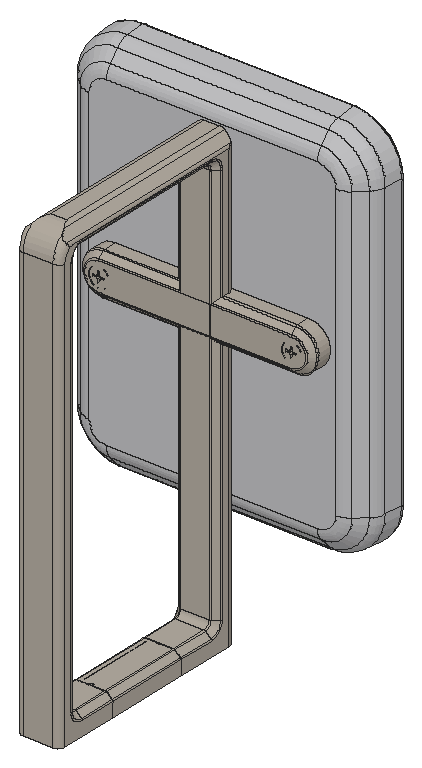
Revit family "Accessory-Tray-KALLISTA-Vice-P34211_1", category Specialty Equipment, host Face, Revit 2021
Family settings
  Host = Face
  Round Connector Dimension = Use Diameter
  Part Type = Normal
  OmniClass Number = 23.31.25.00
  OmniClass Title = Toilet and Bath Specialties
  Cut with Voids When Loaded = No
  Shared = No
  Room Calculation Point = No
Parameters (values of type "Brushed Bronze, CP-Chrome")
  Width = 9.01575"  # constant formula
  WaterSense Certified = 1 = 0  # no
  URL = "https://www.kallista.com/"
  Type = 4
  Secondary Finish = Kallista-Metal-BV-Brushed_Bronze
  Product Page URL = ""
  Product Name = "Vice"  # constant formula
  Product Documentation Link = ""
  Model = if(Type = 1, "P34211-BAF-AF", if(Type = 2, "P34211-BN-BGP", if(Type = 3, "P34211-BN-SN", if(Type = 4, "P34211-BV-CP", if(Type = 5, "P34211-CP-CP", "NA")))))  # "P34211-BV-CP"
  Material = "Premium Metal Construction"  # constant formula
  Master Format 2014 Name = "Toilet, Bath, and Laundry Accessories"  # constant formula
  Master Format 2014 = "10 28 00"  # constant formula
  Manufacturer Address = "444 Highland Dr, Kohler, WI 53044"  # constant formula
  Manufacturer = "Kallista Co."  # constant formula
  Length = 5.64567"  # constant formula
  Height = 4.85039"  # constant formula
  Finish = Kallista-Metal-CP-Chrome
  Environmental Product Declaration = ""
  Description = "Tray With Arm"  # constant formula
  Default Elevation = 42"
  Declare Label = ""
  Date Modified = "4/30/2024"  # constant formula
  Date Created = "4/30/2024"  # constant formula
  Copyright = "Copyright Kallista Co."  # constant formula
  Contact Us = "https://www.kallista.com/corporate/contact-us/"
  Assembly Code = "C1030200"
  ADA Compliant = 1 = 0  # no
Types (6): name | Type | Secondary Finish | Model | Finish
  (no name) | 4 | Kallista-Metal-BV-Brushed_Bronze | "P34211-BV-CP" | Kallista-Metal-CP-Chrome
  Brushed French Gold, AF-French Gold | 1 | Kallista-Metal-BAF-Brushed_French_Gold | "P34211-BAF-AF" | Kallista-Metal-AF-French_Gold
  Brushed Nickel, BGP | 2 | Kallista-Metal-BN-Brushed_Nickel | "P34211-BN-BGP" | Kallista-Metal-BGP
  Brushed Nickel, SN-Polished Nickel | 3 | Kallista-Metal-BN-Brushed_Nickel | "P34211-BN-SN" | Kallista-Metal-SN-Polished_Nickel
  Brushed Bronze, CP-Chrome | 4 | Kallista-Metal-BV-Brushed_Bronze | "P34211-BV-CP" | Kallista-Metal-CP-Chrome
  Chrome, CP-Chrome | 5 | Kallista-Metal-CP-Chrome | "P34211-CP-CP" | Kallista-Metal-CP-Chrome
Reference planes (in)
  plane 1 "Center (Front/Back)": y = 0
  plane 2: z = 0
  plane 3 "Center (Left/Right)": x = 0
  plane 4: y = -3.99999
  plane 5: x = -2.82283
  plane 6: x = -2.16535
  plane 7: x = -0.39764
  plane 8: y = -3.60629
  plane 9: x = 0.39764
  plane 10: x = 2.82283
  plane 11: y = -0.3937
  plane 12: x = 2.16535
  plane 13: y = 0.8504
  plane 14: z = 9.01575
  plane 15: z = 1.87008
  plane 16: z = 2.45669
  plane 17: z = 8.4252
  plane 18: z = 0.3937
  plane 19: z = 5.44094
Dimensions and locks (in)
  "Length": plane 5 to plane 10
  "Height": plane 4 to plane 13
  plane 6 to plane 12 = 4.33071"
  plane 7 to plane 9 = 0.79528"
  plane 1 "Center (Front/Back)" to plane 4 = 4"  (x2)
  "Width": level to plane 14
  plane 13 to plane 1 "Center (Front/Back)" = 0.8504"
  plane 15 to plane 14 = 7.14567"
  level to plane 17 = 8.4252"
  plane 1 "Center (Front/Back)" to plane 11 = 0.3937"
  aligned and locked: plane 2 to host face
  aligned and locked: level to host face
  aligned and locked: plane 3 "Center (Left/Right)" to nested 1
  aligned and locked: plane 1 "Center (Front/Back)" to nested 1
Automatic sketch dimensions
  host sketch curve to host sketch curve = 96"  (x2)
Nested families (in)
  nested 1: "P34211" at (0, 0, 0), type "P34211"
Definition of nested family "P34211"
  Parameters
    Secondary Material = none
    Material = none
    Default Elevation = 0"
  Reference planes (in)
    plane 1 "Center (Front/Back)": y = 0
    plane 2: z = 0
    plane 3 "Center (Left/Right)": x = 0
    plane 4: y = 0.85039
    plane 5: y = -3.99999
    plane 6: y = -0.3937
    plane 7: z = 9.01575
    plane 8: z = 1.87008
    plane 9: z = 8.4252
    plane 10: x = -2.82283
    plane 11: x = -2.16535
    plane 12: x = -0.39764
    plane 13: x = 2.82283
    plane 14: x = 2.16535
    plane 15: x = 0.39764
    plane 16: y = -3.60629
    plane 17: z = 0.3937
    plane 18 "A": z = 5.44094
    plane 19: z = 2.45669
  Forms (in)
    Sweep 1, solid, material <- "Material", detail levels medium+fine
      path origin (0, 0, 0) x (1, 0, 0) y (0, 0, 1)
        loop
          line (1.93705, 9.01575) -> (-1.93701, 9.01575)
          arc (-1.93701, 9.01575) -> (-2.56338, 8.7563) -> (-2.82283, 8.12992) r 0.88583
          line (-2.82283, 8.12992) -> (-2.82283, 2.75591)
          arc (-2.82283, 2.75591) -> (-2.56338, 2.12953) -> (-1.93701, 1.87008) r 0.88583
          line (-1.93701, 1.87008) -> (1.93701, 1.87008)
          arc (1.93701, 1.87008) -> (2.56338, 2.12953) -> (2.82283, 2.75591) r 0.88583
          line (2.82283, 2.75591) -> (2.82283, 8.12996)
          arc (2.82283, 8.12996) -> (2.56339, 8.75631) -> (1.93705, 9.01575) r 0.88579
      profile origin (0.00002, 0, 9.01575) x (0, 0, -1) y (0, -1, 0)
        loop
          arc (0.09801, -0.85039) -> (0.11231, -0.84483) -> (0.11909, -0.83108) r 0.02116
          line (0.11909, -0.83108) -> (0.14886, -0.49083)
          arc (0.14886, -0.49083) -> (0.17101, -0.41197) -> (0.22037, -0.34661) r 0.22086
          line (0.22037, -0.34661) -> (0.40872, -0.1755)
          arc (0.40872, -0.1755) -> (0.47762, -0.13296) -> (0.55723, -0.11811) r 0.22087
          line (0.55723, -0.11811) -> (0.65813, -0.11811) -> (0.65813, 0) -> (0.55723, 0)
          arc (0.55723, 0) -> (0.43505, -0.02279) -> (0.32929, -0.08808) r 0.33898
          line (0.32929, -0.08808) -> (0.14095, -0.25919)
          arc (0.14095, -0.25919) -> (0.06519, -0.35951) -> (0.0312, -0.48054) r 0.33897
          line (0.0312, -0.48054) -> (0.00062, -0.83014)
          arc (0.00062, -0.83014) -> (0.00544, -0.84435) -> (0.01918, -0.85039) r 0.01863
          line (0.01918, -0.85039) -> (0.09801, -0.85039)
    Extrusion 2, solid, material <- "Material", detail levels medium+fine
      sketch origin (0, 0, 0) x (1, 0, 0) y (0, 0, 1)
        loop
          line (1.93705, 8.35762) -> (-1.93701, 8.35762)
          arc (-1.93701, 8.35762) -> (-2.09801, 8.29093) -> (-2.1647, 8.12992) r 0.2277
          line (-2.1647, 8.12992) -> (-2.1647, 2.75591)
          arc (-2.1647, 2.75591) -> (-2.09801, 2.5949) -> (-1.93701, 2.52821) r 0.2277
          line (-1.93701, 2.52821) -> (1.93701, 2.52821)
          arc (1.93701, 2.52821) -> (2.09801, 2.5949) -> (2.1647, 2.75591) r 0.2277
          line (2.1647, 2.75591) -> (2.1647, 8.12996)
          arc (2.1647, 8.12996) -> (2.09802, 8.29094) -> (1.93705, 8.35762) r 0.22766
      from -0.11811 to 0
    Sweep 3, solid, material <- "Secondary Material", detail levels medium+fine
      path origin (0, 0, 0) x (0, 1, 0) y (0, 0, 1)
        loop
          line (-1.21259, 0.3937) -> (-0.51181, 0.3937)
          arc (-0.51181, 0.3937) -> (-0.42829, 0.42829) -> (-0.3937, 0.51181) r 0.11811
          line (-0.3937, 0.51181) -> (-0.3937, 7.91339)
          arc (-0.3937, 7.91339) -> (-0.42829, 7.9969) -> (-0.51181, 8.0315) r 0.11811
          line (-0.51181, 8.0315) -> (-3.48818, 8.0315)
          arc (-3.48818, 8.0315) -> (-3.5717, 7.9969) -> (-3.60629, 7.91339) r 0.11811
          line (-3.60629, 7.91339) -> (-3.60629, 0.51181)
          arc (-3.60629, 0.51181) -> (-3.5717, 0.42829) -> (-3.48818, 0.3937) r 0.11811
          line (-3.48818, 0.3937) -> (-2.7874, 0.3937)
      profile origin (0, -3.60629, 4.2126) x (1, 0, 0) y (0, 1, 0)
        loop
          line (0.2597, 0) -> (-0.2597, 0)
          arc (-0.2597, 0) -> (-0.27477, -0.003) -> (-0.28754, -0.01153) r 0.03937
          line (-0.28754, -0.01153) -> (-0.38611, -0.1101)
          arc (-0.38611, -0.1101) -> (-0.39464, -0.12287) -> (-0.39764, -0.13793) r 0.03937
          line (-0.39764, -0.13793) -> (0.39764, -0.13793)
          arc (0.39764, -0.13793) -> (0.39464, -0.12287) -> (0.38611, -0.1101) r 0.03937
          line (0.38611, -0.1101) -> (0.28754, -0.01153)
          arc (0.28754, -0.01153) -> (0.27477, -0.003) -> (0.2597, 0) r 0.03937
    Sweep 4, solid, material <- "Secondary Material", detail levels medium+fine
      path origin (0, 0, 0) x (0, 1, 0) y (0, 0, 1)
        loop
          line (-0.128, 8.4252) -> (-3.52755, 8.4252)
          arc (-3.52755, 8.4252) -> (-3.86162, 8.28682) -> (-3.99999, 7.95276) r 0.47244
          line (-3.99999, 7.95276) -> (-3.99999, 0)
      profile origin (0, -3.99999, 3.97638) x (1, 0, 0) y (0, 1, 0)
        loop
          arc (0.27165, 0) -> (0.36074, 0.0369) -> (0.39764, 0.12598) r 0.12598
          line (0.39764, 0.12598) -> (-0.39764, 0.12598)
          arc (-0.39764, 0.12598) -> (-0.36074, 0.0369) -> (-0.27165, 0) r 0.12598
          line (-0.27165, 0) -> (0.27165, 0)
    Extrusion 5, solid, material <- "Secondary Material", detail levels medium+fine
      sketch origin (0, 0, 0) x (1, 0, 0) y (0, 1, 0)
        loop
          line (0.26964, 0) -> (-0.26969, 0)
          arc (-0.26969, 0) -> (-0.36018, -0.03749) -> (-0.39764, -0.128) r 0.12795
          line (-0.39764, -0.128) -> (0.39764, -0.128)
          arc (0.39764, -0.128) -> (0.36015, -0.03749) -> (0.26964, 0) r 0.128
      from 0 to 8.4252
    Extrusion 6, solid, material <- "Secondary Material", detail levels medium+fine
      sketch origin (0, 0, 0) x (0, 1, 0) y (0, 0, 1)
        loop
          line (-0.128, 8.29921) -> (-3.52755, 8.29921)
          arc (-3.52755, 8.29921) -> (-3.77253, 8.19774) -> (-3.87401, 7.95276) r 0.34646
          line (-3.87401, 7.95276) -> (-3.87401, 0) -> (-2.7874, 0) -> (-2.7874, 0.25577) -> (-3.48818, 0.25577)
          arc (-3.48818, 0.25577) -> (-3.66923, 0.33076) -> (-3.74423, 0.51181) r 0.25604
          line (-3.74423, 0.51181) -> (-3.74423, 7.91339)
          arc (-3.74423, 7.91339) -> (-3.66923, 8.09444) -> (-3.48818, 8.16943) r 0.25604
          line (-3.48818, 8.16943) -> (-0.51181, 8.16943)
          arc (-0.51181, 8.16943) -> (-0.33076, 8.09444) -> (-0.25577, 7.91339) r 0.25604
          line (-0.25577, 7.91339) -> (-0.25577, 0.51181)
          arc (-0.25577, 0.51181) -> (-0.33076, 0.33076) -> (-0.51181, 0.25577) r 0.25604
          line (-0.51181, 0.25577) -> (-1.21259, 0.25577) -> (-1.21259, 0) -> (-0.128, 0) -> (-0.128, 8.29921)
      from -0.39764 to 0.39764
    Extrusion 7, void
      sketch origin (0, 0, 0) x (1, 0, 0) y (0, 0, 1)
        loop
          line (-0.49114, 8.47657) -> (-0.49114, 8.07599) -> (-0.39764, 8.07599) -> (-0.39764, 8.19169)
          arc (-0.39764, 8.19169) -> (-0.39164, 8.22182) -> (-0.37458, 8.24737) r 0.07874
          line (-0.37458, 8.24737) -> (-0.23367, 8.38827)
          arc (-0.23367, 8.38827) -> (-0.19277, 8.4156) -> (-0.14453, 8.4252) r 0.12607
          line (-0.14453, 8.4252) -> (0.14456, 8.4252)
          arc (0.14456, 8.4252) -> (0.19277, 8.41561) -> (0.23365, 8.3883) r 0.12598
          line (0.23365, 8.3883) -> (0.37458, 8.24737)
          arc (0.37458, 8.24737) -> (0.39164, 8.22182) -> (0.39764, 8.19169) r 0.07874
          line (0.39764, 8.19169) -> (0.39764, 8.07599) -> (0.49114, 8.07599) -> (0.49114, 8.47657) -> (-0.49114, 8.47657)
      from 0 to 4.18812
    Sweep 8, solid, material <- "Secondary Material", detail levels medium+fine
      path origin (0, 0, 0) x (1, 0, 0) y (0, 0, 1)
        loop
          line (1.77165, 5.83465) -> (-1.77165, 5.83465)
          arc (-1.77165, 5.83465) -> (-2.16535, 5.44094) -> (-1.77165, 5.04724) r 0.3937
          line (-1.77165, 5.04724) -> (1.77165, 5.04724)
          arc (1.77165, 5.04724) -> (2.16535, 5.44094) -> (1.77165, 5.83465) r 0.3937
      profile origin (0, 0, 5.83465) x (0, 0, -1) y (0, -1, 0)
        loop
          line (0, 0.25928) -> (0, 0) -> (0.18549, 0) -> (0.18549, 0.3937) -> (0.13442, 0.3937)
          arc (0.13442, 0.3937) -> (0.11935, 0.3907) -> (0.10658, 0.38217) r 0.03937
          line (0.10658, 0.38217) -> (0.01153, 0.28712)
          arc (0.01153, 0.28712) -> (0.003, 0.27435) -> (0, 0.25928) r 0.03937
    Extrusion 9, solid, material <- "Secondary Material", detail levels medium+fine
      sketch origin (0, 0, 0) x (1, 0, 0) y (0, 0, 1)
        loop
          line (-1.77165, 5.23274) -> (1.77165, 5.23274)
          arc (1.77165, 5.23274) -> (1.97986, 5.44094) -> (1.77165, 5.64915) r 0.20821
          line (1.77165, 5.64915) -> (-1.77165, 5.64915)
          arc (-1.77165, 5.64915) -> (-1.97986, 5.44094) -> (-1.77165, 5.23274) r 0.20821
      from 0 to 0.3937
    Extrusion 10, void
      sketch origin (0, 0, 0) x (1, 0, 0) y (0, 0, 1)
        loop
          circle (-1.77165, 5.44094) r 0.1811
        loop
          circle (1.77165, 5.44094) r 0.1811
      from 0 to 0.55418
    Revolve 11, solid, material <- "Secondary Material", detail levels medium+fine
      sketch origin (0, 0, 5.44094) x (0, 1, 0) y (-1, 0, 0)
        loop
          line (-0.3937, 1.95276) -> (-0.3937, 1.77165) -> (0, 1.77165) -> (0, 1.87402) -> (-0.31496, 1.87402) -> (-0.3937, 1.95276)
        axis (0, 1.77165) -> (-0.3937, 1.77165)
      angle from 0 to 360
    Revolve 12, solid, material <- "Secondary Material", detail levels medium+fine
      sketch origin (0, 0, 5.44094) x (0, 1, 0) y (-1, 0, 0)
        loop
          line (-0.3937, -1.95276) -> (-0.31496, -1.87402) -> (-0.22536, -1.87402) -> (-0.22536, -1.77165) -> (-0.3937, -1.77165) -> (-0.3937, -1.95276)
        axis (-0.22536, -1.77165) -> (-0.3937, -1.77165)
      angle from 0 to 360
    Extrusion 13, void
      sketch origin (0, 0, 0) x (1, 0, 0) y (0, 0, 1)
        loop
          line (-1.87404, 5.46457) -> (-1.87404, 5.41732) -> (-1.81496, 5.41732)
          arc (-1.81496, 5.41732) -> (-1.80104, 5.41156) -> (-1.79528, 5.39764) r 0.01969
          line (-1.79528, 5.39764) -> (-1.79528, 5.33856) -> (-1.74803, 5.33856) -> (-1.74803, 5.39764)
          arc (-1.74803, 5.39764) -> (-1.74227, 5.41156) -> (-1.72835, 5.41732) r 0.01969
          line (-1.72835, 5.41732) -> (-1.66927, 5.41732) -> (-1.66927, 5.46457) -> (-1.72835, 5.46457)
          arc (-1.72835, 5.46457) -> (-1.74227, 5.47033) -> (-1.74803, 5.48425) r 0.01969
          line (-1.74803, 5.48425) -> (-1.74803, 5.54333) -> (-1.79528, 5.54333) -> (-1.79528, 5.48418)
          arc (-1.79528, 5.48418) -> (-1.80102, 5.47031) -> (-1.81489, 5.46457) r 0.01961
          line (-1.81489, 5.46457) -> (-1.87404, 5.46457)
        loop
          line (1.87404, 5.46457) -> (1.81489, 5.46457)
          arc (1.81489, 5.46457) -> (1.80102, 5.47031) -> (1.79528, 5.48418) r 0.01961
          line (1.79528, 5.48418) -> (1.79528, 5.54333) -> (1.74803, 5.54333) -> (1.74803, 5.48425)
          arc (1.74803, 5.48425) -> (1.74227, 5.47033) -> (1.72835, 5.46457) r 0.01969
          line (1.72835, 5.46457) -> (1.66927, 5.46457) -> (1.66927, 5.41732) -> (1.72835, 5.41732)
          arc (1.72835, 5.41732) -> (1.74227, 5.41156) -> (1.74803, 5.39764) r 0.01969
          line (1.74803, 5.39764) -> (1.74803, 5.33856) -> (1.79528, 5.33856) -> (1.79528, 5.39764)
          arc (1.79528, 5.39764) -> (1.80104, 5.41156) -> (1.81496, 5.41732) r 0.01969
          line (1.81496, 5.41732) -> (1.87404, 5.41732) -> (1.87404, 5.46457)
      from 0.34674 to 0.53042
    Extrusion 14, solid, material <- "Material", detail levels coarse
      sketch origin (0, 0, 0) x (1, 0, 0) y (0, 0, 1)
        loop
          line (1.93705, 9.01575) -> (-1.93701, 9.01575)
          arc (-1.93701, 9.01575) -> (-2.56338, 8.7563) -> (-2.82283, 8.12992) r 0.88583
          line (-2.82283, 8.12992) -> (-2.82283, 2.75591)
          arc (-2.82283, 2.75591) -> (-2.56338, 2.12953) -> (-1.93701, 1.87008) r 0.88583
          line (-1.93701, 1.87008) -> (1.93701, 1.87008)
          arc (1.93701, 1.87008) -> (2.56338, 2.12953) -> (2.82283, 2.75591) r 0.88583
          line (2.82283, 2.75591) -> (2.82283, 8.12996)
          arc (2.82283, 8.12996) -> (2.56339, 8.75631) -> (1.93705, 9.01575) r 0.88579
      from -0.85039 to 0
    Extrusion 15, void
      sketch origin (0, 0, 0) x (1, 0, 0) y (0, 0, 1)
        loop
          line (2.66535, 2.75591) -> (2.66535, 8.12996)
          arc (2.66535, 8.12996) -> (2.45204, 8.64495) -> (1.93705, 8.85827) r 0.72831
          line (1.93705, 8.85827) -> (-1.93701, 8.85827)
          arc (-1.93701, 8.85827) -> (-2.45203, 8.64494) -> (-2.66535, 8.12992) r 0.72835
          line (-2.66535, 8.12992) -> (-2.66535, 2.75591)
          arc (-2.66535, 2.75591) -> (-2.45203, 2.24089) -> (-1.93701, 2.02756) r 0.72835
          line (-1.93701, 2.02756) -> (1.93701, 2.02756)
          arc (1.93701, 2.02756) -> (2.45203, 2.24089) -> (2.66535, 2.75591) r 0.72835
      from -1.24516 to -0.03858
    Extrusion 16, solid, material <- "Secondary Material", detail levels coarse
      sketch origin (0, 0, 0) x (0, 1, 0) y (0, 0, 1)
        loop
          line (0, 8.4252) -> (-3.53808, 8.4252)
          arc (-3.53808, 8.4252) -> (-3.8647, 8.2899) -> (-3.99999, 7.96328) r 0.46192
          line (-3.99999, 7.96328) -> (-3.99999, 0) -> (0, 0) -> (0, 8.4252)
        loop
          arc (-3.60383, 0.50127) -> (-3.57305, 0.42695) -> (-3.49873, 0.39616) r 0.10511
          line (-3.49873, 0.39616) -> (-0.507, 0.39616)
          arc (-0.507, 0.39616) -> (-0.42863, 0.42863) -> (-0.39616, 0.507) r 0.11084
          line (-0.39616, 0.507) -> (-0.39616, 7.91274)
          arc (-0.39616, 7.91274) -> (-0.43022, 7.99497) -> (-0.51246, 8.02904) r 0.1163
          line (-0.51246, 8.02904) -> (-3.48278, 8.02904)
          arc (-3.48278, 8.02904) -> (-3.56838, 7.99358) -> (-3.60383, 7.90799) r 0.12105
          line (-3.60383, 7.90799) -> (-3.60383, 0.50127)
      from -0.39764 to 0.39764
    Extrusion 17, solid, material <- "Secondary Material", detail levels coarse
      sketch origin (0, 0, 0) x (1, 0, 0) y (0, 0, 1)
        loop
          line (1.77165, 5.83465) -> (-1.77165, 5.83465)
          arc (-1.77165, 5.83465) -> (-2.16535, 5.44094) -> (-1.77165, 5.04724) r 0.3937
          line (-1.77165, 5.04724) -> (1.77165, 5.04724)
          arc (1.77165, 5.04724) -> (2.16535, 5.44094) -> (1.77165, 5.83465) r 0.3937
      from 0 to 0.3937
    Extrusion 18, solid, material <- "Secondary Material", detail levels medium+fine
      sketch origin (0, 0, 0) x (1, 0, 0) y (0, 0, 1)
        loop
          arc (-0.2597, 0.3937) -> (-0.27477, 0.3907) -> (-0.28754, 0.38217) r 0.03937
          line (-0.28754, 0.38217) -> (-0.38611, 0.28361)
          arc (-0.38611, 0.28361) -> (-0.39464, 0.27083) -> (-0.39764, 0.25577) r 0.03937
          line (-0.39764, 0.25577) -> (-0.39764, 0) -> (-0.33858, 0) -> (-0.33858, 0.24761) -> (-0.25155, 0.33465) -> (0.25155, 0.33465) -> (0.33858, 0.24761) -> (0.33858, 0) -> (0.39764, 0) -> (0.39764, 0.25577)
          arc (0.39764, 0.25577) -> (0.39464, 0.27083) -> (0.38611, 0.28361) r 0.03937
          line (0.38611, 0.28361) -> (0.28754, 0.38217)
          arc (0.28754, 0.38217) -> (0.27477, 0.3907) -> (0.2597, 0.3937) r 0.03937
          line (0.2597, 0.3937) -> (-0.2597, 0.3937)
      from 1.21259 to 2.7874
    Extrusion 19, solid, material <- "Secondary Material", detail levels medium+fine
      sketch origin (0, 0, 0) x (1, 0, 0) y (0, 0, 1)
        loop
          line (-0.33858, 0) -> (0.33858, 0) -> (0.33858, 0.24761) -> (0.25155, 0.33465) -> (-0.25155, 0.33465) -> (-0.33858, 0.24761) -> (-0.33858, 0)
      from 1.21259 to 2.7874
    Extrusion 20, void
      sketch origin (0, 0, 0) x (1, 0, 0) y (0, 1, 0)
        loop
          line (0.03937, -1.21259) -> (-0.03937, -1.21259)
          arc (-0.03937, -1.21259) -> (0, -1.25196) -> (0.03937, -1.21259) r 0.03937
        loop
          line (-0.03937, -2.7874) -> (0.03937, -2.7874)
          arc (0.03937, -2.7874) -> (0, -2.74803) -> (-0.03937, -2.7874) r 0.03937
      from 0.3117 to 0.4469
  Cuts and joins
    joined: Sweep 1, Extrusion 2
    Extrusion 7 cuts Sweep 3
    Extrusion 7 cuts Sweep 4
    Extrusion 7 cuts Extrusion 5
    Extrusion 7 cuts Extrusion 6
    joined: Sweep 3, Sweep 4, Extrusion 5, Extrusion 6, Extrusion 19
    Extrusion 10 cuts Sweep 8
    Extrusion 10 cuts Extrusion 9
    Extrusion 13 cuts Revolve 11
    Extrusion 13 cuts Revolve 12
    joined: Sweep 8, Extrusion 9, Revolve 11, Revolve 12
    Extrusion 15 cuts Extrusion 14
    joined: Extrusion 16, Extrusion 17
    Extrusion 20 cuts Extrusion 18
  Lines and regions (in)
    Masking region 1
      outline origin (0, 0, 5.44094) x (0, 1, 0) y (-1, 0, 0)
        loop
          arc (0.85039, 2.80345) -> (0.84403, 2.81791) -> (0.82907, 2.82299) r 0.01961
          line (0.82907, 2.82299) -> (0.47956, 2.79241)
          arc (0.47956, 2.79241) -> (0.34414, 2.75131) -> (0.23676, 2.65913) r 0.34367
          line (0.23676, 2.65913) -> (0.07315, 2.47741)
          arc (0.07315, 2.47741) -> (0.0221, 2.39723) -> (0, 2.30479) r 0.28741
          line (0, 2.30479) -> (0, 2.16535) -> (-0.25729, 2.16535)
          arc (-0.25729, 2.16535) -> (-0.27418, 2.162) -> (-0.28849, 2.15243) r 0.04412
          line (-0.28849, 2.15243) -> (-0.38139, 2.05953)
          arc (-0.38139, 2.05953) -> (-0.3905, 2.0459) -> (-0.3937, 2.02981) r 0.04203
          line (-0.3937, 2.02981) -> (-0.3937, 0.39764) -> (-3.87628, 0.39764)
          arc (-3.87628, 0.39764) -> (-3.96376, 0.3614) -> (-3.99999, 0.27393) r 0.12371
          line (-3.99999, 0.27393) -> (-3.99999, -0.27393)
          arc (-3.99999, -0.27393) -> (-3.96376, -0.3614) -> (-3.87628, -0.39764) r 0.12371
          line (-3.87628, -0.39764) -> (-0.3937, -0.39764) -> (-0.3937, -2.02981)
          arc (-0.3937, -2.02981) -> (-0.3905, -2.0459) -> (-0.38139, -2.05953) r 0.04203
          line (-0.38139, -2.05953) -> (-0.28849, -2.15243)
          arc (-0.28849, -2.15243) -> (-0.27418, -2.162) -> (-0.25729, -2.16535) r 0.04412
          line (-0.25729, -2.16535) -> (0, -2.16535) -> (0, -2.30479)
          arc (0, -2.30479) -> (0.0221, -2.39723) -> (0.07315, -2.47741) r 0.28741
          line (0.07315, -2.47741) -> (0.23676, -2.65913)
          arc (0.23676, -2.65913) -> (0.34414, -2.75131) -> (0.47956, -2.79241) r 0.34367
          line (0.47956, -2.79241) -> (0.82907, -2.82299)
          arc (0.82907, -2.82299) -> (0.84403, -2.81791) -> (0.85039, -2.80345) r 0.01961
          line (0.85039, -2.80345) -> (0.85039, 2.80345)
    Masking region 2
      outline origin (0, 0, 0) x (1, 0, 0) y (0, 0, 1)
        loop
          line (1.93845, 9.01575) -> (-1.93858, 9.01575)
          arc (-1.93858, 9.01575) -> (-2.56384, 8.75676) -> (-2.82283, 8.1315) r 0.88425
          line (-2.82283, 8.1315) -> (-2.82283, 2.75433)
          arc (-2.82283, 2.75433) -> (-2.56384, 2.12907) -> (-1.93858, 1.87008) r 0.88425
          line (-1.93858, 1.87008) -> (-0.39764, 1.87008) -> (-0.39764, 0) -> (0.39764, 0) -> (0.39764, 1.87008) -> (1.93858, 1.87008)
          arc (1.93858, 1.87008) -> (2.56384, 2.12907) -> (2.82283, 2.75433) r 0.88425
          line (2.82283, 2.75433) -> (2.82283, 8.13137)
          arc (2.82283, 8.13137) -> (2.56381, 8.75672) -> (1.93845, 9.01575) r 0.88438
    Masking region 3
      outline origin (0, 0, 0) x (0, 1, 0) y (0, 0, 1)
        loop
          line (-3.99999, 7.95827) -> (-3.99999, 0) -> (0, 0) -> (0, 2.4106)
          arc (0, 2.4106) -> (0.02555, 2.29398) -> (0.08966, 2.19326) r 0.34167
          line (0.08966, 2.19326) -> (0.25881, 2.00894)
          arc (0.25881, 2.00894) -> (0.35625, 1.93337) -> (0.47482, 1.89953) r 0.32511
          line (0.47482, 1.89953) -> (0.82957, 1.86849)
          arc (0.82957, 1.86849) -> (0.84418, 1.87345) -> (0.85039, 1.88757) r 0.01915
          line (0.85039, 1.88757) -> (0.85039, 8.99438)
          arc (0.85039, 8.99438) -> (0.84414, 9.00861) -> (0.82942, 9.0136) r 0.01929
          line (0.82942, 9.0136) -> (0.48126, 8.98314)
          arc (0.48126, 8.98314) -> (0.34215, 8.94048) -> (0.23258, 8.84474) r 0.34853
          line (0.23258, 8.84474) -> (0.08117, 8.67855)
          arc (0.08117, 8.67855) -> (0.021, 8.58131) -> (0, 8.46891) r 0.31129
          line (0, 8.46891) -> (0, 8.31175)
          arc (0, 8.31175) -> (-0.03323, 8.39197) -> (-0.11345, 8.4252) r 0.11345
          line (-0.11345, 8.4252) -> (-3.53307, 8.4252)
          arc (-3.53307, 8.4252) -> (-3.86323, 8.28844) -> (-3.99999, 7.95827) r 0.46692
        loop
          arc (-0.3937, 7.91093) -> (-0.42829, 7.99444) -> (-0.51181, 8.02904) r 0.11811
          line (-0.51181, 8.02904) -> (-3.48818, 8.02904)
          arc (-3.48818, 8.02904) -> (-3.5717, 7.99444) -> (-3.60629, 7.91093) r 0.11811
          line (-3.60629, 7.91093) -> (-3.60629, 0.51181)
          arc (-3.60629, 0.51181) -> (-3.5717, 0.42829) -> (-3.48818, 0.3937) r 0.11811
          line (-3.48818, 0.3937) -> (-0.51181, 0.3937)
          arc (-0.51181, 0.3937) -> (-0.42829, 0.42829) -> (-0.3937, 0.51181) r 0.11811
          line (-0.3937, 0.51181) -> (-0.3937, 7.91093)
    symbolic lines, detail levels medium+fine
      curve 1: arc (0.39764, -3.87637, 5.44094) -> (0.36203, -3.96318, 5.44094) -> (0.27573, -3.99998, 5.44094) r 0.12362
      curve 2: line (-2.16535, 0, 5.44094) -> (2.16535, 0, 5.44094)
      curve 3: line (-2.79241, 0.47956, 5.44094) -> (2.79241, 0.47956, 5.44094)
      curve 4: line (-2.65913, 0.23676, 5.44094) -> (2.65913, 0.23676, 5.44094)
      curve 5: line (-2.47741, 0.07315, 5.44094) -> (2.47741, 0.07315, 5.44094)
      curve 6: line (-0.39764, -0.3937, 5.44094) -> (-0.39764, -0.12089, 5.44094)
      curve 7: arc (-0.39764, -0.12089, 5.44094) -> (-0.37114, -0.04411, 5.44094) -> (-0.30294, 0, 5.44094) r 0.12451
      curve 8: line (0.39764, -0.3937, 5.44094) -> (0.39764, -0.12089, 5.44094)
      curve 9: arc (0.39764, -0.11892, 5.44094) -> (0.36882, -0.04075, 5.44094) -> (0.29616, 0, 5.44094) r 0.12042
      curve 10: line (-0.39764, -0.12089, 5.44094) -> (0.39764, -0.12089, 5.44094)
      curve 11: line (-2.16535, -0.25729, 5.44094) -> (-0.39764, -0.25729, 5.44094)
      curve 12: line (-2.15243, -0.28849, 5.44094) -> (-0.39764, -0.28849, 5.44094)
      curve 13: line (-2.05953, -0.38139, 5.44094) -> (-0.39764, -0.38139, 5.44094)
      curve 14: line (2.16535, -0.25729, 5.44094) -> (0.39764, -0.25729, 5.44094)
      curve 15: line (2.15243, -0.28849, 5.44094) -> (0.39764, -0.28849, 5.44094)
      curve 16: line (2.05953, -0.38139, 5.44094) -> (0.39764, -0.38139, 5.44094)
      curve 17: line (-0.23398, -3.52437, 5.44094) -> (0.23267, -3.52437, 5.44094)
      curve 18: line (0.23267, -3.52437, 5.44094) -> (0.23267, -0.12089, 5.44094)
      curve 19: line (-0.23398, -0.12089, 5.44094) -> (-0.23398, -3.52437, 5.44094)
      curve 20: line (-0.1494, 0, 5.44094) -> (-0.1494, -3.52437, 5.44094)
      curve 21: line (0.1479, 0, 5.44094) -> (0.1479, -3.52437, 5.44094)
      curve 22: arc (-0.1494, 0, 5.44094) -> (-0.21073, -0.04712, 5.44094) -> (-0.23398, -0.12089, 5.44094) r 0.12869
      curve 23: arc (0.23267, -0.12089, 5.44094) -> (0.20937, -0.04707, 5.44094) -> (0.1479, 0, 5.44094) r 0.12859
      curve 24: line (-0.35988, -0.12089, 5.44094) -> (-0.35988, -3.80077, 5.44094)
      curve 25: line (-0.35988, -3.80077, 5.44094) -> (-0.39764, -3.80077, 5.44094)
      curve 26: arc (-0.30294, 0, 5.44094) -> (-0.34493, -0.05408, 5.44094) -> (-0.35988, -0.12089, 5.44094) r 0.1568
      curve 27: arc (-0.23398, -3.52437, 5.44094) -> (-0.26693, -3.67623, 5.44094) -> (-0.35988, -3.80077, 5.44094) r 0.36636
      curve 28: arc (-0.1494, -3.52437, 5.44094) -> (-0.18186, -3.71961, 5.44094) -> (-0.27573, -3.89384, 5.44094) r 0.60349
      curve 29: line (-0.27573, -3.89384, 5.44094) -> (-0.27573, -3.99999, 5.44094)
      curve 30: arc (-0.39764, -3.80077, 5.44094) -> (-0.35289, -3.86854, 5.44094) -> (-0.27573, -3.89384, 5.44094) r 0.12346
      curve 31: arc (-0.35988, -3.80077, 5.44094) -> (-0.32505, -3.85386, 5.44094) -> (-0.27573, -3.89384, 5.44094) r 0.20639
      curve 32: line (0.35988, -0.12089, 5.44094) -> (0.35988, -3.80077, 5.44094)
      curve 33: line (0.35988, -3.80077, 5.44094) -> (0.39764, -3.80077, 5.44094)
      curve 34: arc (0.23398, -3.52437, 5.44094) -> (0.26693, -3.67623, 5.44094) -> (0.35988, -3.80077, 5.44094) r 0.36636
      curve 35: arc (0.1494, -3.52437, 5.44094) -> (0.18186, -3.71961, 5.44094) -> (0.27573, -3.89384, 5.44094) r 0.60349
      curve 36: line (0.27573, -3.89384, 5.44094) -> (0.27573, -3.99998, 5.44094)
      curve 37: arc (0.39764, -3.80077, 5.44094) -> (0.35289, -3.86854, 5.44094) -> (0.27573, -3.89384, 5.44094) r 0.12346
      curve 38: arc (0.35988, -3.80077, 5.44094) -> (0.32505, -3.85386, 5.44094) -> (0.27573, -3.89384, 5.44094) r 0.20639
      curve 39: arc (0.39764, -0.12089, 5.44094) -> (0.37114, -0.04411, 5.44094) -> (0.30294, 0, 5.44094) r 0.12451
      curve 40: arc (0.30294, 0, 5.44094) -> (0.34493, -0.05408, 5.44094) -> (0.35988, -0.12089, 5.44094) r 0.1568
      curve 41: line (1.77165, 0, 8.4252) -> (-1.77165, 0, 8.4252)
      curve 42: line (2.16535, 0, 2.85039) -> (2.16535, 0, 8.0315)
      curve 43: line (-2.16535, 0, 2.85039) -> (-2.16535, 0, 8.0315)
      curve 44: line (1.77165, 0, 2.45669) -> (-1.77165, 0, 2.45669)
      curve 45: arc (2.16535, 0, 2.85039) -> (2.05004, 0, 2.572) -> (1.77165, 0, 2.45669) r 0.3937
      curve 46: arc (-1.77165, 0, 2.45669) -> (-2.05004, 0, 2.572) -> (-2.16535, 0, 2.85039) r 0.3937
      curve 47: arc (1.77165, 0, 8.4252) -> (2.05004, 0, 8.30988) -> (2.16535, 0, 8.0315) r 0.3937
      curve 48: arc (-1.77165, 0, 8.4252) -> (-2.05004, 0, 8.30988) -> (-2.16535, 0, 8.0315) r 0.3937
      curve 49: arc (1.87219, 0, 8.61435) -> (2.26194, 0, 8.45291) -> (2.42337, 0, 8.06317) r 0.55118
      curve 50: line (1.87219, 0, 8.61435) -> (-1.87219, 0, 8.61435)
      curve 51: arc (-1.87219, 0, 8.61435) -> (-2.26194, 0, 8.45291) -> (-2.42337, 0, 8.06317) r 0.55118
      curve 52: line (-2.42337, 0, 2.81872) -> (-2.42337, 0, 8.06317)
      curve 53: line (2.42337, 0, 2.81872) -> (2.42337, 0, 8.06317)
      curve 54: arc (2.42337, 0, 2.81872) -> (2.26194, 0, 2.42898) -> (1.87219, 0, 2.26754) r 0.55118
      curve 55: line (1.87219, 0, 2.26754) -> (-1.87219, 0, 2.26754)
      curve 56: arc (-1.87219, 0, 2.26754) -> (-2.26194, 0, 2.42898) -> (-2.42337, 0, 2.81872) r 0.55118
      curve 57: arc (1.87219, 0, 8.79151) -> (2.38721, 0, 8.57819) -> (2.60054, 0, 8.06317) r 0.72835
      curve 58: line (1.87219, 0, 8.79151) -> (-1.87219, 0, 8.79151)
      curve 59: line (2.60054, 0, 2.81872) -> (2.60054, 0, 8.06317)
      curve 60: arc (-1.87219, 0, 8.79151) -> (-2.38721, 0, 8.57819) -> (-2.60054, 0, 8.06317) r 0.72835
      curve 61: line (-2.60054, 0, 2.81872) -> (-2.60054, 0, 8.06317)
      curve 62: arc (2.60054, 0, 2.81872) -> (2.38721, 0, 2.3037) -> (1.87219, 0, 2.09038) r 0.72835
      curve 63: line (1.87219, 0, 2.09038) -> (-1.87219, 0, 2.09038)
      curve 64: arc (-1.87219, 0, 2.09038) -> (-2.38721, 0, 2.3037) -> (-2.60054, 0, 2.81872) r 0.72835
      curve 65: arc (1.87219, 0, 8.87025) -> (2.44289, 0, 8.63386) -> (2.67928, 0, 8.06317) r 0.80709
      curve 66: line (1.87219, 0, 8.87025) -> (-1.87219, 0, 8.87025)
      curve 67: line (2.67928, 0, 2.81872) -> (2.67928, 0, 8.06317)
      curve 68: arc (2.67928, 0, 2.81872) -> (2.44289, 0, 2.24803) -> (1.87219, 0, 2.01164) r 0.80709
      curve 69: line (1.87219, 0, 2.01164) -> (-1.87219, 0, 2.01164)
      curve 70: arc (-1.87219, 0, 2.01164) -> (-2.44289, 0, 2.24803) -> (-2.67928, 0, 2.81872) r 0.80709
      curve 71: line (-2.67928, 0, 2.81872) -> (-2.67928, 0, 8.06317)
      curve 72: arc (-1.87219, 0, 8.87025) -> (-2.44289, 0, 8.63386) -> (-2.67928, 0, 8.06317) r 0.80709
      curve 73: arc (1.87219, 0, 8.9175) -> (2.4763, 0, 8.66727) -> (2.72652, 0, 8.06317) r 0.85433
      curve 74: line (1.87219, 0, 8.9175) -> (-1.87219, 0, 8.9175)
      curve 75: line (2.72652, 0, 2.81872) -> (2.72652, 0, 8.06317)
      curve 76: arc (2.72652, 0, 2.81872) -> (2.4763, 0, 2.21462) -> (1.87219, 0, 1.96439) r 0.85433
      curve 77: line (1.87219, 0, 1.96439) -> (-1.87219, 0, 1.96439)
      curve 78: arc (-1.87219, 0, 1.96439) -> (-2.4763, 0, 2.21462) -> (-2.72652, 0, 2.81872) r 0.85433
      curve 79: line (-2.72652, 0, 2.81872) -> (-2.72652, 0, 8.06317)
      curve 80: arc (-1.87219, 0, 8.9175) -> (-2.4763, 0, 8.66727) -> (-2.72652, 0, 8.06317) r 0.85433
      curve 81: line (0.39764, 0, 1.87008) -> (-0.39764, 0, 1.87008)
      curve 82: line (0.27642, 0, 1.87008) -> (0.27642, 0, 0)
      curve 83: line (-0.27461, 0, 1.87008) -> (-0.27461, 0, 0)
      curve 84: line (0, 0, 2.4106) -> (0, 0, 8.31175)
      curve 85: line (0, -0.11345, 8.4252) -> (0, -0.11345, 5.83465)
      curve 86: line (0, -0.11345, 8.26362) -> (0, -3.79998, 8.26362)
      curve 87: line (0, -3.79998, 8.26362) -> (0, -3.79998, 8.17819)
      curve 88: line (0, -3.79998, 8.17819) -> (0, 0, 8.17819)
      curve 89: arc (0, 0, 8.17819) -> (0, -0.04244, 8.23987) -> (0, -0.11345, 8.26362) r 0.11804
      curve 90: line (0, -0.11345, 8.39158) -> (0, -3.52777, 8.39158)
      curve 91: arc (0, 0, 8.31175) -> (0, -0.04409, 8.36962) -> (0, -0.11345, 8.39158) r 0.12053
      curve 92: line (0, -3.52777, 8.39158) -> (0, -3.52777, 8.4252)
      curve 93: arc (0, -3.52777, 8.39158) -> (0, -3.67816, 8.35799) -> (0, -3.79998, 8.26362) r 0.3535
      curve 94: line (0, -3.99999, 7.95827) -> (0, -3.88182, 7.95827)
      curve 95: arc (0, -3.79998, 8.17819) -> (0, -3.85822, 8.07468) -> (0, -3.88182, 7.95827) r 0.38169
      curve 96: line (0, -3.88182, 7.95827) -> (0, -3.88182, 0)
      curve 97: line (0, -0.51163, 0.26737) -> (0, -3.48836, 0.26737)
      curve 98: line (0, -3.48755, 0.28194) -> (0, -0.51244, 0.28194)
      curve 99: line (0, -2.77963, 0.39418) -> (0, -2.77963, 0.02286)
      curve 100: arc (0, -2.77963, 0.02286) -> (0, -2.77456, 0.00829) -> (0, -2.76154, 0) r 0.0235
      curve 101: line (0, -2.78754, 0) -> (0, -2.78754, 0.39418)
      curve 102: line (0, -2.78754, 0.38786) -> (0, -3.49662, 0.38786)
      curve 103: line (0, -2.77963, 0.38786) -> (0, -0.51174, 0.38786)
      curve 104: line (0, -1.21179, 0.39418) -> (0, -1.21179, 0.02697)
      curve 105: line (0, -0.51507, 8.15824) -> (0, -3.48602, 8.15824)
      curve 106: line (0, -0.26716, 0.51184) -> (0, -0.26716, 4.96639)
      curve 107: line (0, -0.28262, 0.51176) -> (0, -0.28262, 4.94704)
      curve 108: line (0, -0.38798, 0.51162) -> (0, -0.38798, 7.91278)
      curve 109: arc (0, -0.51163, 0.38786) -> (0, -0.42419, 0.42415) -> (0, -0.38798, 0.51162) r 0.12376
      curve 110: arc (0, -0.51163, 0.26737) -> (0, -0.33877, 0.33897) -> (0, -0.26716, 0.51184) r 0.24447
      curve 111: arc (0, -0.51163, 0.28194) -> (0, -0.34965, 0.34954) -> (0, -0.28262, 0.51176) r 0.22982
      curve 112: line (0, -3.73283, 0.51184) -> (0, -3.73283, 7.91143)
      curve 113: line (0, -3.71737, 0.51176) -> (0, -3.71737, 7.91209)
      curve 114: line (0, -3.60656, 0.51692) -> (0, -3.60656, 0.8925)
      curve 115: line (0, -3.61201, 0.51162) -> (0, -3.61201, 7.91209)
      curve 116: arc (0, -3.48382, 0.39418) -> (0, -3.57061, 0.43013) -> (0, -3.60656, 0.51692) r 0.12274
      curve 117: arc (0, -3.48825, 0.38786) -> (0, -3.57576, 0.42411) -> (0, -3.61201, 0.51162) r 0.12376
      curve 118: arc (0, -3.48836, 0.26737) -> (0, -3.66123, 0.33897) -> (0, -3.73283, 0.51184) r 0.24447
      curve 119: arc (0, -3.48755, 0.28194) -> (0, -3.65006, 0.34925) -> (0, -3.71737, 0.51176) r 0.22982
      curve 120: arc (0, -0.26717, 7.91202) -> (0, -0.3396, 8.08545) -> (0, -0.51288, 8.15823) r 0.24791
      curve 121: line (0, -0.51812, 8.14422) -> (0, -3.48479, 8.14422)
      curve 122: arc (0, -0.28265, 7.91202) -> (0, -0.35277, 8.07641) -> (0, -0.51812, 8.14422) r 0.2355
      curve 123: line (0, -0.51254, 8.03733) -> (0, -3.48979, 8.03733)
      curve 124: arc (0, -0.38798, 7.91278) -> (0, -0.42446, 8.00085) -> (0, -0.51254, 8.03733) r 0.12455
      curve 125: arc (0, -3.48979, 8.03733) -> (0, -3.57727, 8.00046) -> (0, -3.61197, 7.91209) r 0.12222
      curve 126: arc (0, -3.48479, 8.14422) -> (0, -3.64909, 8.07626) -> (0, -3.71737, 7.91209) r 0.23258
      curve 127: arc (0, -3.48602, 8.15824) -> (0, -3.66031, 8.08618) -> (0, -3.73283, 7.91209) r 0.24681
      curve 128: arc (0, -1.21179, 0.02697) -> (0, -1.21666, 0.0108) -> (0, -1.22964, 0) r 0.0293
      curve 129: line (0, -0.26716, 0.51184) -> (0, -0.39354, 0.51184)
      curve 130: line (0, -0.51163, 0.26737) -> (0, -0.51163, 0.39427)
      curve 131: line (0, -3.48382, 0.39418) -> (0, -3.48382, 0.26737)
      curve 132: line (0, -0.39343, 7.91202) -> (0, -0.26717, 7.91202)
      curve 133: line (0, -0.51288, 8.03147) -> (0, -0.51288, 8.15823)
      curve 134: line (0, -3.4869, 8.03147) -> (0, -3.4869, 8.15824)
      curve 135: line (0, -3.60628, 7.91209) -> (0, -3.73283, 7.91209)
      curve 136: line (0, 0, 5.83465) -> (0, -0.25744, 5.83465)
      curve 137: line (0, -0.28842, 5.82181) -> (0, -0.3797, 5.73054)
      curve 138: arc (0, -0.25744, 5.83465) -> (0, -0.27421, 5.83131) -> (0, -0.28842, 5.82181) r 0.04382
      curve 139: arc (0, -0.3797, 5.73054) -> (0, -0.38893, 5.71759) -> (0, -0.39343, 5.70233) r 0.04809
      curve 140: line (0, -0.11345, 5.04724) -> (0, -0.11345, 0)
      curve 141: line (0, -0.25718, 5.04724) -> (0, 0, 5.04724)
      curve 142: line (0, -0.38124, 5.15289) -> (0, -0.28861, 5.06026)
      curve 143: arc (0, -0.28861, 5.06026) -> (0, -0.27419, 5.05063) -> (0, -0.25718, 5.04724) r 0.04444
      curve 144: arc (0, -0.39343, 5.18198) -> (0, -0.3902, 5.16624) -> (0, -0.38124, 5.15289) r 0.04163
      curve 145: line (0, -0.26716, 5.89835) -> (0, -0.26716, 7.91033)
      curve 146: line (0, -0.28262, 5.89835) -> (0, -0.28262, 7.91202)
      curve 147: arc (0, -0.28217, 5.827) -> (0, -0.27095, 5.8619) -> (0, -0.26716, 5.89835) r 0.17711
      curve 148: arc (0, -0.31797, 5.79227) -> (0, -0.29169, 5.84244) -> (0, -0.28262, 5.89835) r 0.17688
      curve 149: line (0, -0.26716, 5.04838) -> (0, -0.26716, 5.83355)
      curve 150: line (0, -0.28262, 5.05525) -> (0, -0.28262, 5.82669)
      curve 151: arc (0, -0.26716, 4.96639) -> (0, -0.27488, 5.01991) -> (0, -0.29741, 5.06906) r 0.18939
      curve 152: arc (0, -0.28262, 4.94704) -> (0, -0.31063, 5.05825) -> (0, -0.38798, 5.14293) r 0.23478
      curve 153: line (0, 0.47482, 1.89953) -> (0, 0.47482, 8.98614)
      curve 154: line (0, 0.23258, 8.84474) -> (0, 0.23258, 2.03753)
      curve 155: line (0, 0.08966, 2.19326) -> (0, 0.08966, 8.68933)
      curve 156: line (0, 0.47482, 8.05895) -> (0, 0.85039, 8.13196)
      curve 157: line (0, 0.82942, 9.0136) -> (0, 0.82942, 1.8685)
      curve 158: line (0, 0.47482, 8.05895) -> (0, 0, 8.05895)
      curve 159: line (0, 0.47482, 8.09972) -> (0, 0.85039, 8.13196)
      curve 160: line (0, 0.47482, 8.09972) -> (0, 0, 8.09972)
      curve 161: line (0, 0.47482, 2.823) -> (0, 0.85039, 2.75)
      curve 162: line (0, 0.47482, 2.823) -> (0, 0, 2.823)
      curve 163: line (0, 0.47482, 2.78223) -> (0, 0.85039, 2.75)
      curve 164: line (0, 0.47482, 2.78223) -> (0, 0, 2.78223)
  Dimensions and locks (in)
    plane 4 to plane 1 "Center (Front/Back)" = 0.85039"
    plane 1 "Center (Front/Back)" to plane 5 = 4"
    locked: plane 1 "Center (Front/Back)" to plane 6 at 0.3937
    plane 7 to level = 9.01575"
    plane 7 to plane 8 = 7.14567"
    locked: plane 4 to plane 5 at 4.85039
    plane 5 to plane 1 "Center (Front/Back)" = 4"
    plane 9 to level = 8.4252"
    plane 10 to plane 13 = 5.64567"
    plane 11 to plane 14 = 4.33071"
    plane 12 to plane 15 = 0.79528"
    aligned and locked: plane 2 to level
